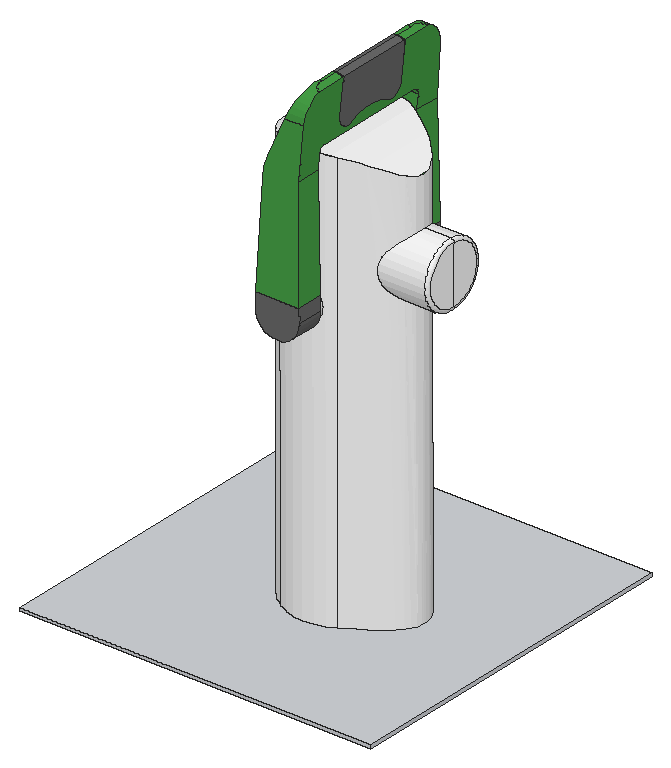
Revit family "PRE030075", category Appareils sanitaires, Revit 2015
Parameters (values of type "64762 Presto Neo® Duo - Simple temporisation - Manette verte")
  Polantis code = "PRE030075q"
  Pertes de charge = 100.0 Pa
  Matériau poignée polymère = PRESTO Polymère Vert
  Matériau poignée caoutchouc = PRESTO Caoutchouc
  Matériau = PRESTO Chrome
  Flux minimum [instance] = 0.0 L/s  # constant formula
  Flux maximum [instance] = 0.05 L/s  # constant formula
  Flux [instance] = 0.05 L/s
  F [instance] = if(Flux > Flux minimum, if(Flux < Flux maximum, Flux, Flux maximum), Flux minimum)  # 0.05 L/s
  Default Elevation = 0 mm
  Durée d'écoulement = "\"Durée d'écoulement :15 secondes ± 5 secondes - manette vers le haut ou vers le bas\nCe robinet résiste à une température de 75°C durant 30 minutes dans le cadre de chocs thermiques\nSystème S® interdisant le blocage en écoulement continu\nManette ergonomique\""
  Diamètre = 15 mm
Types (18, lengths in mm): name | Polantis code | Matériau poignée polymère | Flux | F | Durée d'écoulement
  (no name) | "PRE030075q" | PRESTO Polymère Vert | 0.05 L/s | 0.05 L/s | "\"Durée d'écoulement :15 secondes ± 5 secondes - manette vers le haut ou vers le bas\nCe robinet résiste à une température de 75°C durant 30 minutes dans le cadre de chocs thermiques\nSystème S® interdisant le blocage en écoulement continu\nManette ergonomique\""
  64706 Presto Neo® Duo - Simple temporisation - Manette argent | "PRE030075" | PRESTO Polymere Argent | 0.05 L/s | 0.05 L/s | "\"Durée d'écoulement :15 secondes ± 5 secondes - manette vers le haut ou vers le bas\nCe robinet résiste à une température de 75°C durant 30 minutes dans le cadre de chocs thermiques\nSystème S® interdisant le blocage en écoulement continu\nManette ergonomique\""
  64710 Presto Neo® Duo S® - Prestogreen - Double temporisation - Manette argent | "PRE030075a" | PRESTO Polymere Argent | 0.03 L/s | 0.03 L/s | "\"Durée d'écoulement : 7 secondes - manette vers le haut ; 11 secondes - manette vers le bas\nCe robinet résiste à une température de 75°C durant 30 minutes dans le cadre de chocs thermiques\nSystème S® interdisant le blocage en écoulement continu\nManette erg\""
  64707 Presto Neo® Duo S® - Simple temporisation - Manette argent | "PRE030075b" | PRESTO Polymere Argent | 0.05 L/s | 0.05 L/s | "\"Durée d'écoulement :15 secondes ± 5 secondes - manette vers le haut ou vers le bas\nCe robinet résiste à une température de 75°C durant 30 minutes dans le cadre de chocs thermiques\nSystème S® interdisant le blocage en écoulement continu\nManette ergonomique\""
  64709 Presto Neo® Duo - Prestogreen - Simple temporisation - Manette argent | "PRE030075c" | PRESTO Polymere Argent | 0.03 L/s | 0.03 L/s | "\"Durée d'écoulement :15 secondes ± 5 secondes - manette vers le haut ou vers le bas\nCe robinet résiste à une température de 75°C durant 30 minutes dans le cadre de chocs thermiques\nSystème S® interdisant le blocage en écoulement continu\nManette ergonomique\""
  64711 Presto Neo® Duo - Prestogreen - Simple temporisation - Manette argent | "PRE030075d" | PRESTO Polymere Argent | 0.03 L/s | 0.03 L/s | "\"Durée d'écoulement :7 secondes - manette vers le haut ou vers le bas\nCe robinet résiste à une température de 75°C durant 30 minutes dans le cadre de chocs thermiques\nSystème S® interdisant le blocage en écoulement continu\nManette ergonomique bicolore, en\""
  64734 Presto Neo® Duo S® - Double temporisation - Manette rouge | "PRE030075f" | PRESTO Polymère Rouge | 0.05 L/s | 0.05 L/s | "\"Durée d'écoulement : 7 secondes - manette vers le haut ; 11 secondes - manette vers le bas\nCe robinet résiste à une température de 75°C durant 30 minutes dans le cadre de chocs thermiques\nSystème S® interdisant le blocage en écoulement continu\nManette erg\""
  64736 Presto Neo® Duo S® - Prestogreen - Double temporisation - Manette rouge | "PRE030075g" | PRESTO Polymère Rouge | 0.03 L/s | 0.03 L/s | "\"Durée d'écoulement : 7 secondes - manette vers le haut ; 11 secondes - manette vers le bas\nCe robinet résiste à une température de 75°C durant 30 minutes dans le cadre de chocs thermiques\nSystème S® interdisant le blocage en écoulement continu\nManette erg\""
  64733 Presto Neo® Duo S® - Simple temporisation - Manette rouge | "PRE030075h" | PRESTO Polymère Rouge | 0.05 L/s | 0.05 L/s | "\"Durée d'écoulement :15 secondes ± 5 secondes - manette vers le haut ou vers le bas\nCe robinet résiste à une température de 75°C durant 30 minutes dans le cadre de chocs thermiques\nSystème S® interdisant le blocage en écoulement continu\nManette ergonomique\""
  64735 Presto Neo® Duo - Prestogreen - Simple temporisation - Manette rouge | "PRE030075i" | PRESTO Polymère Rouge | 0.03 L/s | 0.03 L/s | "\"Durée d'écoulement :15 secondes ± 5 secondes - manette vers le haut ou vers le bas\nCe robinet résiste à une température de 75°C durant 30 minutes dans le cadre de chocs thermiques\nSystème S® interdisant le blocage en écoulement continu\nManette ergonomique\""
  64737 Presto Neo® Duo - Prestogreen - Simple temporisation - Manette rouge | "PRE030075j" | PRESTO Polymère Rouge | 0.03 L/s | 0.03 L/s | "\"Durée d'écoulement :7 secondes - manette vers le haut ou vers le bas\nCe robinet résiste à une température de 75°C durant 30 minutes dans le cadre de chocs thermiques\nSystème S® interdisant le blocage en écoulement continu\nManette ergonomique bicolore, en\""
  64732 Presto Neo® Duo - Simple temporisation - Manette rouge | "PRE030075k" | PRESTO Polymère Rouge | 0.05 L/s | 0.05 L/s | "\"Durée d'écoulement :15 secondes ± 5 secondes - manette vers le haut ou vers le bas\nCe robinet résiste à une température de 75°C durant 30 minutes dans le cadre de chocs thermiques\nSystème S® interdisant le blocage en écoulement continu\nManette ergonomique\""
  64764 Presto Neo® Duo S® - Double temporisation - Manette verte | "PRE030075l" | PRESTO Polymère Vert | 0.05 L/s | 0.05 L/s | "\"Durée d'écoulement : 7 secondes - manette vers le haut ; 11 secondes - manette vers le bas\nCe robinet résiste à une température de 75°C durant 30 minutes dans le cadre de chocs thermiques\nSystème S® interdisant le blocage en écoulement continu\nManette erg\""
  64766 Presto Neo® Duo S® - Prestogreen - Double temporisation - Manette verte | "PRE030075m" | PRESTO Polymère Vert | 0.03 L/s | 0.03 L/s | "\"Durée d'écoulement : 7 secondes - manette vers le haut ; 11 secondes - manette vers le bas\nCe robinet résiste à une température de 75°C durant 30 minutes dans le cadre de chocs thermiques\nSystème S® interdisant le blocage en écoulement continu\nManette erg\""
  64763 Presto Neo® Duo S® - Simple temporisation - Manette verte | "PRE030075n" | PRESTO Polymère Vert | 0.05 L/s | 0.05 L/s | "\"Durée d'écoulement :15 secondes ± 5 secondes - manette vers le haut ou vers le bas\nCe robinet résiste à une température de 75°C durant 30 minutes dans le cadre de chocs thermiques\nSystème S® interdisant le blocage en écoulement continu\nManette ergonomique\""
  64765 Presto Neo® Duo - Prestogreen - Simple temporisation - Manette verte | "PRE030075o" | PRESTO Polymère Vert | 0.03 L/s | 0.03 L/s | "\"Durée d'écoulement :15 secondes ± 5 secondes - manette vers le haut ou vers le bas\nCe robinet résiste à une température de 75°C durant 30 minutes dans le cadre de chocs thermiques\nSystème S® interdisant le blocage en écoulement continu\nManette ergonomique\""
  64767 Presto Neo® Duo - Prestogreen - Simple temporisation - Manette verte | "PRE030075p" | PRESTO Polymère Vert | 0.03 L/s | 0.03 L/s | "\"Durée d'écoulement :7 secondes - manette vers le haut ou vers le bas\nCe robinet résiste à une température de 75°C durant 30 minutes dans le cadre de chocs thermiques\nSystème S® interdisant le blocage en écoulement continu\nManette ergonomique bicolore, en\""
  64762 Presto Neo® Duo - Simple temporisation - Manette verte | "PRE030075q" | PRESTO Polymère Vert | 0.05 L/s | 0.05 L/s | "\"Durée d'écoulement :15 secondes ± 5 secondes - manette vers le haut ou vers le bas\nCe robinet résiste à une température de 75°C durant 30 minutes dans le cadre de chocs thermiques\nSystème S® interdisant le blocage en écoulement continu\nManette ergonomique\""
Reference planes
  plane 1 "Centre (avant/arrière)": y = 0
  plane 2: z = 0
  plane 3 "Centre (gauche/droite)": x = 0
Forms (mm)
  Extrusion 1, solid
    sketch origin (0, 0, 0) x (1, 0, 0) y (0, 1, 0)
      loop
        line (-60.8, 59.2) -> (-60.8, -60.8) -> (59.2, -60.8) -> (59.2, 59.2) -> (-60.8, 59.2)
    from 0 to -1
Dimensions and locks
  aligned and locked: plane 2 to Extrusion 1
  aligned and locked: level to Extrusion 1
Nested families
  nested 1: "PRE030075_Objet" at (61.286, -6.983, 78.046) x (0, 0, -1) z (-1, 0, 0), type "PRE030075"
Connectors
  piping at (2.888, 0.088, 0), diameter 15, driven by "F", driven by "Pertes de charge", driven by "Diamètre"
    settings: on nested 1, index 1, connector inside diameter 609.6 mm, connector length 0 mm, flow factor 0, pipe flow 0.05 L/s, pressure drop 100.0 Pa, fitting loss kfactor 0, connector angle 0.00°, fixture units 0, engagement length 0 mm, angle of deflection 0.00°, flow configuration 0, flow direction 1, fitting loss method 4, system type 29, joint type 0, gender type 0, connector reference index -1, connector utility 0, adjustable connector no, is connector primary yes, connector description ""
Definition of nested family "PRE030075_Objet"
  Parameters (values of type "PRE030075")
    URL = ""
    Polantis code = "PRE030075"
    Finishes 3 = none
    Manufacturer = ""
    Finishes 2 = none
    Finishes 1 = none
    Default Elevation = 1219.2 mm
    Description = ""
  Reference planes
    plane 1 "Center (Front/Back)": y = 0
    plane 2: z = 0
    plane 3 "Center (Left/Right)": x = 0
  Forms (mm)
    Extrusion 1, solid, material <- "Finishes 1"
      sketch origin (1.774, -7.071, 77.912) x (0, 1, 0) y (-0.001745, 0, -0.999998)
        loop
          arc (-16.638, 9.836) -> (-0.09, 0.001) -> (16.638, 9.526) r 19.139
          arc (16.638, 9.526) -> (19.352, 19.303) -> (16.638, 29.081) r 18.971
          spline (16.638, 29.081) -> (13.122, 34.83) -> (10.04, 39.148) -> (7.292, 42.204) -> (4.779, 44.169) -> (2.402, 45.212) -> (0.061, 45.504) -> (-2.334, 45.167) -> (-4.834, 44.097) -> (-7.476, 42.123) -> (-10.298, 39.076) -> (-13.34, 34.786) -> (-16.638, 29.081)
          arc (-16.638, 29.081) -> (-19.309, 19.459) -> (-16.638, 9.836) r 18.669
      from -76.306 to 69.205
    Sweep 2, void
      path origin (1.774, -7.071, 77.912) x (0, 1, 0) y (0.999998, 0, -0.001745)
        loop
          line (-19.802, -68.039) -> (19.716, -68.039)
      profile origin (-66.265, -7.114, 78.031) x (0.999998, 0, -0.001745) y (-0.001745, 0, -0.999998)
        loop
          line (7.714, 46.542) -> (-3.803, 46.542) -> (-3.803, -0.975) -> (4.059, -0.975)
          arc (4.059, -0.975) -> (-0.527, 23.277) -> (7.714, 46.542) r 47.352
    Revolve 3, solid, material <- "Finishes 1"
      sketch origin (1.774, -7.071, 77.912) x (0.999998, 0, -0.001745) y (-0.001745, 0, -0.999998)
        loop
          line (-33.715, 55.5) -> (-43.592, 55.5)
          arc (-43.592, 55.5) -> (-44.386, 55.171) -> (-44.715, 54.377) r 1.123
          line (-44.715, 54.377) -> (-44.715, 36.064) -> (-33.715, 36.064) -> (-33.715, 55.5)
        axis (-33.715, 36.064) -> (-33.715, 55.5)
      angle from 0 to 360
    Extrusion 4, solid, material <- "Finishes 1"
      sketch origin (1.774, -7.071, 77.912) x (0.999998, 0, -0.001745) y (-0.001745, 0, -0.999998)
        loop
          circle (-21.465, 19.327) r 5.959
      from -20.668 to 20.754
    Extrusion 5, solid, material <- "Finishes 3"
      sketch origin (147.941, -72.149, 77.657) x (0, 1, 0) y (0.999998, 0, -0.001745)
        loop
          line (34.928, -172.784) -> (35.983, -228.521)
          arc (35.983, -228.521) -> (39.105, -235.197) -> (46.153, -237.349) r 9.068
          line (46.153, -237.349) -> (65.069, -237.349) -> (84.002, -237.349)
          arc (84.002, -237.349) -> (91.051, -235.197) -> (94.173, -228.521) r 9.068
          line (94.173, -228.521) -> (95.227, -172.784) -> (86.357, -172.784) -> (86.357, -215.817)
          arc (86.357, -215.817) -> (85.615, -217.609) -> (83.823, -218.351) r 2.534
          line (83.823, -218.351) -> (46.333, -218.351)
          arc (46.333, -218.351) -> (44.541, -217.609) -> (43.799, -215.817) r 2.534
          line (43.799, -215.817) -> (43.799, -172.784) -> (34.928, -172.784)
      from 9.364 to 31.082
    Sweep 6, void
      path origin (147.941, -72.149, 77.657) x (0, 1, 0) y (0.999998, 0, -0.001745)
        loop
          line (32.629, -160.118) -> (97.629, -160.118)
      profile origin (-12.177, -7.02, 77.936) x (0.999998, 0, -0.001745) y (-0.001745, 0, -0.999998)
        loop
          line (-12.666, 26.726) -> (-12.666, 35.798) -> (-80.699, 35.798) -> (-80.699, 6.464) -> (-12.666, 6.464) -> (-12.666, 12.042) -> (-47.922, 13.757)
          arc (-47.922, 13.757) -> (-51.549, 14.257) -> (-55.031, 15.388) r 20.712
          line (-55.031, 15.388) -> (-77.544, 24.976) -> (-76.539, 28.297) -> (-50.944, 26.058) -> (-12.666, 26.726)
    Extrusion 7, solid, material <- "Finishes 2"
      sketch origin (1.774, -7.071, 77.912) x (0.999998, 0, -0.001745) y (-0.001745, 0, -0.999998)
        loop
          line (-26.617, 26.726) -> (-26.617, 12.042) -> (-21.841, 11.809)
          arc (-21.841, 11.809) -> (-14.341, 19.309) -> (-21.841, 26.809) r 7.5
          line (-21.841, 26.809) -> (-26.617, 26.726)
      from 21.279 to 30.15
    Extrusion 8, solid, material <- "Finishes 2"
      sketch origin (1.774, -7.071, 77.912) x (0.999998, 0, -0.001745) y (0.001745, 0, 0.999998)
        loop
          line (-26.617, -26.726) -> (-21.841, -26.809)
          arc (-21.841, -26.809) -> (-14.341, -19.309) -> (-21.841, -11.809) r 7.5
          line (-21.841, -11.809) -> (-26.617, -12.042) -> (-26.617, -26.726)
      from 21.279 to 30.15
    Sweep 9, void
      path origin (1.774, -7.071, 77.912) x (0.999998, 0, -0.001745) y (-0.001745, 0, -0.999998)
        loop
          line (-82.772, 38.924) -> (-82.772, 3.924)
      profile origin (-81.036, -7.071, 56.632) x (0.999998, 0, -0.001745) y (0, 1, 0)
        loop
          line (-10.048, -13) -> (5.232, -13)
          arc (5.232, -13) -> (7.966, -11.868) -> (9.098, -9.134) r 3.866
          arc (9.098, -9.134) -> (6.667, -0.017) -> (9.098, 9.1) r 18.312
          arc (9.098, 9.1) -> (7.956, 11.858) -> (5.198, 13) r 3.9
          line (5.198, 13) -> (-10.048, 13) -> (-10.048, -13)
    Extrusion 10, solid, material <- "Finishes 2"
      sketch origin (1.774, -7.071, 77.912) x (0.999998, 0, -0.001745) y (-0.001745, 0, -0.999998)
        loop
          line (-90.49, 28.297) -> (-91.182, 26.011) -> (-91.182, 24.843) -> (-72.183, 16.752) -> (-72.183, 26.696) -> (-90.49, 28.297)
      from -13 to 13
    Sweep 11, void
      path origin (41.774, -7.071, 77.842) x (0.999998, 0, -0.001745) y (-0.001745, 0, -0.999998)
        loop
          line (-120.755, 30.982) -> (-120.755, 15.982)
      profile origin (-79.023, -7.071, 54.571) x (0.999998, 0, -0.001745) y (0, 1, 0)
        loop
          line (3.215, -13) -> (9.678, -13) -> (9.678, 13) -> (3.181, 13)
          arc (3.181, 13) -> (5.939, 11.858) -> (7.081, 9.1) r 3.9
          arc (7.081, 9.1) -> (4.65, -0.017) -> (7.081, -9.134) r 18.312
          arc (7.081, -9.134) -> (5.949, -11.868) -> (3.215, -13) r 3.866
  Cuts and joins
    Sweep 2, Sweep 9 cuts Extrusion 1
    joined: Extrusion 1, Revolve 3
    Sweep 6, Sweep 9 cuts Extrusion 5
    Sweep 11 cuts Extrusion 10
